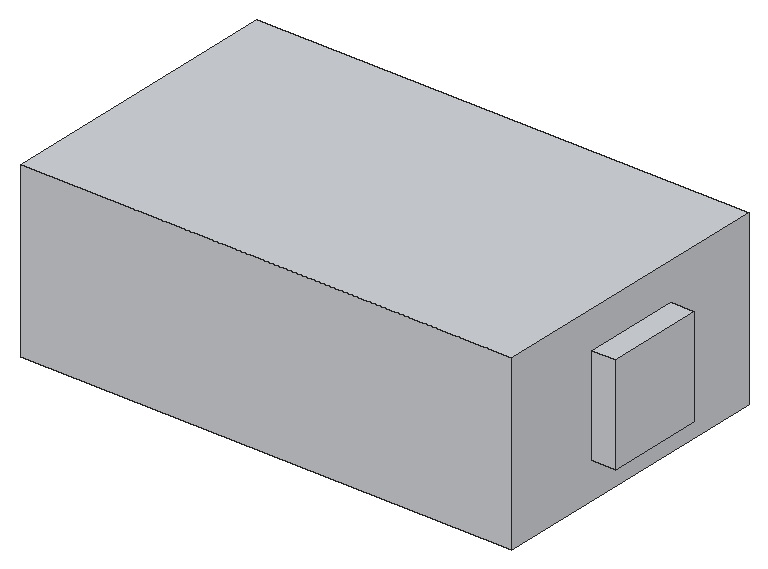
Revit family "AHU family creation", category Mechanical Equipment, Revit 2017
Family settings
  Round Connector Dimension = Use Diameter
  Part Type = Normal
  OmniClass Number = 23.75.00.00
  OmniClass Title = Climate Control (HVAC)
  Work Plane-Based = No
  Always vertical = Yes
  Cut with Voids When Loaded = No
  Shared = No
  Room Calculation Point = No
Parameters
  width [instance] = 600 mm
  Legnth [instance] = 1000 mm
  B [instance] = 200 mm
  A [instance] = 200 mm
Reference planes
  plane 1 "Center (Front/Back)": y = 0
  plane 2: z = 0
  plane 3 "Center (Left/Right)": x = 0
  plane 4 "Plane1": x = 500
  plane 5: z = 175
Forms (mm)
  Extrusion 1, solid
    sketch origin (0, 0, 0) x (1, 0, 0) y (0, 1, 0)
      loop
        line (-500, 300) -> (-500, -300) -> (500, -300) -> (500, 300) -> (-500, 300)
    from 0 to 350
  Extrusion 2, solid
    sketch origin (500, 0, 0) x (0, 1, 0) y (0, 0, 1)
      loop
        line (-100, 275) -> (-100, 75) -> (100, 75) -> (100, 275) -> (-100, 275)
    from 0 to 50
  Extrusion 3, solid
    sketch origin (-500, 0, 0) x (0, 1, 0) y (0, 0, -1)
      loop
        line (-100, -275) -> (100, -275) -> (100, -75) -> (-100, -75) -> (-100, -275)
    from 0 to 50
Lines and regions (mm)
  reference lines
    curve 1: line (-830.2, 300, 0) -> (350.276, 300, 0)
    curve 2: line (-830.2, -300, 0) -> (655.076, -300, 0)
    curve 3: line (500, 721.744, 0) -> (500, -700.132, 0)
    curve 4: line (-500, 721.744, 0) -> (-500, -700.132, 0)
    curve 5: line (500, 100, 517.02) -> (500, 100, -122.98)
    curve 6: line (500, -100, 518.556) -> (500, -100, -122.98)
    curve 7: line (500, -311.937, 75) -> (500, 328.063, 75)
    curve 8: line (500, -311.937, 275) -> (500, 368.063, 275)
Dimensions and locks
  equal spacing: curve 2, plane 1 "Center (Front/Back)", curve 1
  "width": curve 2 to curve 1
  "Legnth": curve 4 to curve 3
  equal spacing: curve 4, plane 3 "Center (Left/Right)", curve 3
  equal spacing: curve 7, plane 5, curve 8
  equal spacing: curve 6, plane 1 "Center (Front/Back)", curve 5
  "B": curve 6 to curve 5
  "A": curve 7 to curve 8
  aligned and locked: level to plane 2
  aligned and locked: curve 1 to Extrusion 1 sketch curve
  aligned and locked: Extrusion 1 sketch curve to curve 4
  aligned and locked: Extrusion 1 sketch curve to curve 2
  aligned and locked: curve 3 to Extrusion 1 sketch curve
  aligned and locked: curve 8 to Extrusion 2 sketch curve
  aligned and locked: Extrusion 2 sketch curve to curve 6
  aligned and locked: Extrusion 2 sketch curve to curve 7
  aligned and locked: curve 5 to Extrusion 2 sketch curve
Automatic sketch dimensions
  curve 1 to curve 4 = 330.2 mm
  curve 2 to curve 4 = 330.2 mm
  curve 1 to plane 4 "Plane1" = 149.724 mm
  plane 4 "Plane1" to curve 2 = 155.076 mm
  curve 3 to curve 2 = 400.132 mm
  curve 4 to curve 2 = 400.132 mm
  curve 1 to curve 4 = 421.744 mm
  curve 1 to curve 3 = 421.744 mm
  plane 1 "Center (Front/Back)" to curve 8 = 311.937 mm
  curve 7 to curve 8 = 0 mm
  curve 5 to curve 7 = 228.063 mm
  curve 7 to curve 8 = 40 mm
  curve 6 to level = 122.98 mm
  curve 5 to level = 122.98 mm
  plane 5 to curve 5 = 342.02 mm
  curve 5 to curve 6 = 1.536 mm
  plane 1 "Center (Front/Back)" to Extrusion 3 sketch curve = 100 mm
  Extrusion 3 sketch curve to plane 1 "Center (Front/Back)" = 100 mm
  plane 5 to Extrusion 3 sketch curve = 100 mm
  level to Extrusion 3 sketch curve = 75 mm
